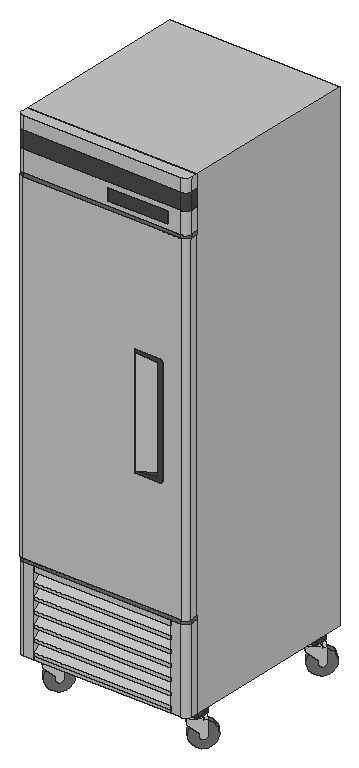
Revit family "QF_Turbo Air_TSR-23SD", category Specialty Equipment, Revit 2012
Parameters (values of type "TSR-23SD*-L")
  Width = 27"  # constant formula
  Weight in Pounds = 274
  Watermarked By = "http://revitwatermark.com"
  Volts = 115 V
  URL Cutsheet = ""
  URL = ""
  Status [instance] = ""
  Specification by User [instance] = ""
  Specification by Manufacturer [instance] = ""
  Serial Number [instance] = ""
  Right Hinge = no
  Revision Code [instance] = ""
  Phase = 1
  Number of Poles [instance] = 1
  NAFEM Spec ID Number [instance] = ""
  Model = "TSR-23SD*-L"
  Masterspec [instance] = ""
  Manufacturer = "Turbo Air"  # constant formula
  Legs [instance] = [6 Inch Legs]  # no
  Left Hinge = yes
  Item Number [instance] = "-"
  Installed By [instance] = ""
  HP = "1/4"
  Furnished By [instance] = ""
  Foodservice Equipment Identifier = yes
  FL Amps = 5.5 A
  Electrical Remarks [instance] = ""
  Electric Connection Type [instance] = ""
  Elec Conn RI Height [instance] = 0"
  Elec Conn Connection Height = 77 7/8"
  Door Height = 54 1/2"
  Description = "Refrigerator, Reach-In"
  Depth = 30 3/8"  # constant formula
  Cycle = 60 Hz
  Conn Plug = "NEMA 5-15P"
  Casters [instance] = or([4 Inch Casters], [5 Inch Casters])  # yes
  CasterLeg Height [instance] = if([4 Inch Casters], 5", if([5 Inch Casters], 5 3/4", 6"))  # 5"
  Cabinet Height = 77"
  CSI MasterFormat = "11 41 13"
  Assembly Code = "E1090320"
  Apparent Power = if(Phase = 1, Volts * FL Amps * 1.73, Volts * FL Amps)  # 1094.22 VA
  6 Inch Legs [instance] = no
  5 Inch Casters [instance] = no
  4 Inch Casters [instance] = yes
Types (3): name | Right Hinge | Model | Left Hinge
  (no name) | no | "TSR-23SD*-L" | yes
  TSR-23SD* | yes | "TSR-23SD*" | no
  TSR-23SD*-L | no | "TSR-23SD*-L" | yes
Reference planes (in)
  plane 1 "BACK": y = 0
  plane 2 "BOTTOM": z = 0
  plane 3 "LEFT": x = -21.59155
  plane 4 "RIGHT": x = 5.40845
  plane 5 "FRONT": y = -30.375
  plane 6 "TOP": z = 83.25
  plane 7 "Bottom of Box": z = 6.25
  plane 8 "Back of Door": y = -28.375
  plane 9 "Bottom of Top Reach-In": z = 75.125
  plane 10 "Bottom of Door": z = 20.125
  plane 11 "Bottom of Bottom Reach-In": z = 6.75
  plane 12: z = 19.625
  plane 13: y = -0.25
  plane 14 "Top 1": z = 81.25
  plane 15 "Top 2": z = 78.625
  plane 16: z = 74.625
  plane 17: y = -55.875
  plane 18: z = 5
Forms (in)
  Extrusion 1, solid, material "QF_Finishes_Stainless Steel"
    sketch origin (0, -28.375, 0) x (1, 0, 0) y (0, 0, 1)
      loop
        line (-19.02905, 19.625) -> (-19.02905, 18.75) -> (2.84595, 18.75) -> (2.84595, 19.625) -> (-19.02905, 19.625)
    from 0 to 2
  Blend 2, solid, material "QF_Finishes_Stainless Steel"
    base sketch origin (0, -28.375, 1.5) x (1, 0, 0) y (0, 0, 1)
      loop
        line (-19.02905, 17.25) -> (-19.02905, 15.25) -> (2.84595, 15.25) -> (2.84595, 17.25) -> (-19.02905, 17.25)
    top sketch origin (0, -28.375, 1.5) x (1, 0, 0) y (0, 0, 1)
      loop
        line (-19.02905, 15.25) -> (2.84595, 15.25) -> (2.84595, 15.75) -> (-19.02905, 15.75) -> (-19.02905, 15.25)
    from 0 to 2
  Blend 3, solid, material "QF_Finishes_Stainless Steel"
    base sketch origin (0, -28.375, -0.5) x (1, 0, 0) y (0, 0, 1)
      loop
        line (-19.02905, 17.25) -> (-19.02905, 15.25) -> (2.84595, 15.25) -> (2.84595, 17.25) -> (-19.02905, 17.25)
    top sketch origin (0, -28.375, -0.5) x (1, 0, 0) y (0, 0, 1)
      loop
        line (-19.02905, 15.25) -> (2.84595, 15.25) -> (2.84595, 15.75) -> (-19.02905, 15.75) -> (-19.02905, 15.25)
    from 0 to 2
  Blend 4, solid, material "QF_Finishes_Stainless Steel"
    base sketch origin (0, -28.375, -2.5) x (1, 0, 0) y (0, 0, 1)
      loop
        line (-19.02905, 17.25) -> (-19.02905, 15.25) -> (2.84595, 15.25) -> (2.84595, 17.25) -> (-19.02905, 17.25)
    top sketch origin (0, -28.375, -2.5) x (1, 0, 0) y (0, 0, 1)
      loop
        line (-19.02905, 15.25) -> (2.84595, 15.25) -> (2.84595, 15.75) -> (-19.02905, 15.75) -> (-19.02905, 15.25)
    from 0 to 2
  Blend 5, solid, material "QF_Finishes_Stainless Steel"
    base sketch origin (0, -28.375, -4.5) x (1, 0, 0) y (0, 0, 1)
      loop
        line (-19.02905, 17.25) -> (-19.02905, 15.25) -> (2.84595, 15.25) -> (2.84595, 17.25) -> (-19.02905, 17.25)
    top sketch origin (0, -28.375, -4.5) x (1, 0, 0) y (0, 0, 1)
      loop
        line (-19.02905, 15.25) -> (2.84595, 15.25) -> (2.84595, 15.75) -> (-19.02905, 15.75) -> (-19.02905, 15.25)
    from 0 to 2
  Blend 6, solid, material "QF_Finishes_Stainless Steel"
    base sketch origin (0, -28.375, -6.5) x (1, 0, 0) y (0, 0, 1)
      loop
        line (-19.02905, 17.25) -> (-19.02905, 15.25) -> (2.84595, 15.25) -> (2.84595, 17.25) -> (-19.02905, 17.25)
    top sketch origin (0, -28.375, -6.5) x (1, 0, 0) y (0, 0, 1)
      loop
        line (-19.02905, 15.25) -> (2.84595, 15.25) -> (2.84595, 15.75) -> (-19.02905, 15.75) -> (-19.02905, 15.25)
    from 0 to 2
  Blend 7, solid, material "QF_Finishes_Stainless Steel"
    base sketch origin (0, -28.375, -8.5) x (1, 0, 0) y (0, 0, 1)
      loop
        line (-19.02905, 17.25) -> (-19.02905, 15.25) -> (2.84595, 15.25) -> (2.84595, 17.25) -> (-19.02905, 17.25)
    top sketch origin (0, -28.375, -8.5) x (1, 0, 0) y (0, 0, 1)
      loop
        line (-19.02905, 15.25) -> (2.84595, 15.25) -> (2.84595, 15.75) -> (-19.02905, 15.75) -> (-19.02905, 15.25)
    from 0 to 2
  Extrusion 8, solid, material "QF_Finishes_Stainless Steel"
    sketch origin (0, 0, 0) x (1, 0, 0) y (0, 0, 1)
      loop
        circle (-17.71449, 77.3727) r 0.25
    from 0 to -0.25
  Extrusion 9, solid, material "QF_Finishes_Stainless Steel"
    sketch origin (0, 0, 0) x (1, 0, 0) y (0, 0, 1)
      loop
        line (-21.59155, 83.25) -> (-21.59155, 19.625) -> (5.40845, 19.625) -> (5.40845, 83.25) -> (-21.59155, 83.25)
      loop
        line (3.40845, 20.125) -> (3.40845, 81.25) -> (-19.59155, 81.25) -> (-19.59155, 20.125) -> (3.40845, 20.125)
    from 0 to 28.375
  Extrusion 10, solid, material "QF_Finishes_Stainless Steel"
    sketch origin (0, 0, 0) x (1, 0, 0) y (0, 0, 1)
      loop
        line (-19.59155, 81.25) -> (-19.59155, 20.125) -> (3.40845, 20.125) -> (3.40845, 81.25) -> (-19.59155, 81.25)
    from 0 to 0.25
  Extrusion 11, solid, material "QF_Finishes_Stainless Steel"
    sketch origin (0, 0, 6.25) x (0, 1, 0) y (-1, 0, 0)
      loop
        line (0, 21.59155) -> (-28.375, 21.59155) -> (-28.375, -5.40845) -> (0, -5.40845) -> (0, 21.59155)
    from 0 to 13.375
  Extrusion 12, solid, material "QF_Finishes_Stainless Steel"
    sketch origin (0, 0, 6.25) x (0, 1, 0) y (-1, 0, 0)
      loop
        line (-28.375, 21.59155) -> (-29.375, 21.59155)
        arc (-29.375, 21.59155) -> (-30.08211, 21.29865) -> (-30.375, 20.59155) r 1
        line (-30.375, 20.59155) -> (-30.375, 19.02905) -> (-28.375, 19.02905) -> (-28.375, 21.59155)
      loop
        line (-28.375, -5.40845) -> (-28.375, -2.84595) -> (-30.375, -2.84595) -> (-30.375, -4.40845)
        arc (-30.375, -4.40845) -> (-30.08211, -5.11556) -> (-29.375, -5.40845) r 1
        line (-29.375, -5.40845) -> (-28.375, -5.40845)
    from 0 to 13.375
  Extrusion 13, solid, material "QF_Finishes_Stainless Steel"
    sketch origin (0, -30.375, 0) x (1, 0, 0) y (0, 0, 1)
      loop
        line (-19.02905, 6.75) -> (-19.02905, 6.25) -> (2.84595, 6.25) -> (2.84595, 6.75) -> (-19.02905, 6.75)
    from 0 to -2
  Extrusion 14, solid, material "QF_Finishes_Stainless Steel"
    sketch origin (0, 0, 83.25) x (0, 1, 0) y (-1, 0, 0)
      loop
        line (-28.375, 21.59155) -> (-29.375, 21.59155)
        arc (-29.375, 21.59155) -> (-30.08211, 21.29865) -> (-30.375, 20.59155) r 1
        line (-30.375, 20.59155) -> (-30.375, -4.40845)
        arc (-30.375, -4.40845) -> (-30.08211, -5.11556) -> (-29.375, -5.40845) r 1
        line (-29.375, -5.40845) -> (-28.375, -5.40845) -> (-28.375, 21.59155)
    from 0 to -2
  Extrusion 15, solid, material "QF_Finishes_Black"
    sketch origin (0, 0, 81.25) x (-1, 0, 0) y (0, -1, 0)
      loop
        line (21.59155, 28.375) -> (21.59155, 29.375)
        arc (21.59155, 29.375) -> (21.29865, 30.08211) -> (20.59155, 30.375) r 1
        line (20.59155, 30.375) -> (-4.40845, 30.375)
        arc (-4.40845, 30.375) -> (-5.11556, 30.08211) -> (-5.40845, 29.375) r 1
        line (-5.40845, 29.375) -> (-5.40845, 28.375) -> (21.59155, 28.375)
    from 0 to -2.625
  Extrusion 16, solid, material "QF_Finishes_Stainless Steel"
    sketch origin (0, 0, 78.625) x (-1, 0, 0) y (0, -1, 0)
      loop
        line (21.59155, 28.375) -> (21.59155, 29.375)
        arc (21.59155, 29.375) -> (21.29865, 30.08211) -> (20.59155, 30.375) r 1
        line (20.59155, 30.375) -> (-4.40845, 30.375)
        arc (-4.40845, 30.375) -> (-5.11556, 30.08211) -> (-5.40845, 29.375) r 1
        line (-5.40845, 29.375) -> (-5.40845, 28.375) -> (21.59155, 28.375)
    from 0 to -3.5
  Extrusion 17, void
    sketch origin (0, -28.375, 0) x (1, 0, 0) y (0, 0, 1)
      loop
        line (-7.21655, 77.75) -> (-7.21655, 75.9375) -> (2.28345, 75.9375) -> (2.28345, 77.75) -> (-7.21655, 77.75)
    from 0 to 2
  Extrusion 18, solid, material "QF_Finishes_Black"
    sketch origin (0, -28.375, 0) x (1, 0, 0) y (0, 0, 1)
      loop
        line (-7.21655, 77.75) -> (-7.21655, 75.9375) -> (2.28345, 75.9375) -> (2.28345, 77.75) -> (-7.21655, 77.75)
    from 0 to 2
  Extrusion 19, solid, material "QF_Finishes_Dark Grey"
    sketch origin (0, 0, 75.125) x (0, 1, 0) y (-1, 0, 0)
      loop
        line (-28.375, 21.59155) -> (-29.375, 21.59155)
        arc (-29.375, 21.59155) -> (-30.08211, 21.29865) -> (-30.375, 20.59155) r 1
        line (-30.375, 20.59155) -> (-30.375, -4.40845)
        arc (-30.375, -4.40845) -> (-30.08211, -5.11556) -> (-29.375, -5.40845) r 1
        line (-29.375, -5.40845) -> (-28.375, -5.40845) -> (-28.375, 21.59155)
    from 0 to -0.5
  Extrusion 20, solid, material "QF_Finishes_Dark Grey"
    sketch origin (0, 0, 20.125) x (0, 1, 0) y (-1, 0, 0)
      loop
        line (-28.375, 21.59155) -> (-29.375, 21.59155)
        arc (-29.375, 21.59155) -> (-30.08211, 21.29865) -> (-30.375, 20.59155) r 1
        line (-30.375, 20.59155) -> (-30.375, -4.40845)
        arc (-30.375, -4.40845) -> (-30.08211, -5.11556) -> (-29.375, -5.40845) r 1
        line (-29.375, -5.40845) -> (-28.375, -5.40845) -> (-28.375, 21.59155)
    from 0 to -0.5
  Extrusion 21, solid, material "QF_Finishes_Black"
    sketch origin (-21.59155, 0, 0) x (0, 1, 0) y (0, 0, 1)
      loop
        line (-4, 5) -> (-2, 5) -> (-2, 6.25) -> (-2.125, 6.25) -> (-2.125, 5.125) -> (-3.875, 5.125) -> (-3.875, 6.25) -> (-4, 6.25) -> (-4, 5)
      loop
        line (-27.625, 5) -> (-25.625, 5) -> (-25.625, 6.25) -> (-25.75, 6.25) -> (-25.75, 5.125) -> (-27.5, 5.125) -> (-27.5, 6.25) -> (-27.625, 6.25) -> (-27.625, 5)
    from 0.5 to 26.5
Cuts and joins
  joined: Extrusion 9, Extrusion 10, Extrusion 11
  Extrusion 17 cuts Extrusion 16
Lines and regions (in)
  symbolic lines
    curve 1: line (5.40845, 0, 6.75) -> (-21.59155, 0, 6.75)
    curve 2: line (-21.59155, 0, 6.75) -> (-21.59155, -28.375, 6.75)
    curve 3: line (5.40845, -28.375, 6.75) -> (5.40845, 0, 6.75)
    curve 4: line (5.40845, -29.375, 6.75) -> (5.40845, -28.375, 6.75)
    curve 5: arc (5.40845, -29.375, 6.75) -> (5.11556, -30.08211, 6.75) -> (4.40845, -30.375, 6.75) r 1
    curve 6: line (-20.59155, -30.375, 6.75) -> (4.40845, -30.375, 6.75)
    curve 7: arc (-20.59155, -30.375, 6.75) -> (-21.29865, -30.08211, 6.75) -> (-21.59155, -29.375, 6.75) r 1
    curve 8: line (-21.59155, -28.375, 6.75) -> (-21.59155, -29.375, 6.75)
  symbolic lines, style "QF_Surface Details"
    curve 9: line (-21.59155, -28.375, 6.75) -> (5.40845, -28.375, 6.75)
  symbolic lines, style "QF_Clearances", visible <- "Right Hinge", detail levels coarse
    curve 10: line (5.40845, -30.375, 20.125) -> (5.40845, -55.875, 20.125)
    curve 12: arc (-21.59155, -30.375, 20.125) -> (-13.60048, -48.95799, 20.125) -> (5.40845, -55.875, 20.125) r 25.5
  symbolic lines, style "QF_Clearances", detail levels medium+fine
    curve 11: line (5.40845, -30.375, 20.125) -> (-21.59155, -30.375, 20.125)
  symbolic lines, style "QF_Clearances", visible <- "Left Hinge", detail levels coarse
    curve 13: arc (5.40845, -30.375, 20.125) -> (-2.58261, -48.95799, 20.125) -> (-21.59155, -55.875, 20.125) r 25.5
    curve 14: line (-21.59155, -30.375, 20.125) -> (-21.59155, -55.875, 20.125)
Dimensions and locks (in)
  "Width": plane 4 "RIGHT" to plane 3 "LEFT"
  "Depth": plane 5 "FRONT" to plane 1 "BACK"
  locked: plane 3 "LEFT" to nested 1 at 2
  locked: nested 1 to plane 1 "BACK" at 3
  locked: nested 2 to plane 4 "RIGHT" at 2
  locked: nested 2 to plane 1 "BACK" at 3
  locked: plane 3 "LEFT" to nested 3 at 2
  locked: nested 4 to plane 4 "RIGHT" at 2
  locked: plane 8 "Back of Door" to plane 1 "BACK" at 28.375
  locked: plane 11 "Bottom of Bottom Reach-In" to plane 7 "Bottom of Box" at 0.5
  locked: plane 10 "Bottom of Door" to plane 11 "Bottom of Bottom Reach-In" at 13.375
  locked: plane 10 "Bottom of Door" to plane 12 at 0.5
  locked: Extrusion 1 sketch curve to Extrusion 1 sketch curve at 0.875
  "Cabinet Height": plane 6 "TOP" to plane 7 "Bottom of Box"
  locked: plane 1 "BACK" to plane 13 at 0.25
  locked: Extrusion 9 sketch curve to Extrusion 9 sketch curve at 2  (x3)
  locked: plane 6 "TOP" to plane 14 "Top 1" at 2
  locked: plane 14 "Top 1" to plane 15 "Top 2" at 2.625
  locked: plane 5 "FRONT" to nested 3 at 3.75
  locked: plane 5 "FRONT" to nested 4 at 3.75
  locked: Extrusion 17 sketch curve to plane 4 "RIGHT" at 3.125
  locked: Extrusion 17 sketch curve to Extrusion 17 sketch curve at 9.5
  locked: Extrusion 18 sketch curve to plane 4 "RIGHT" at 3.125
  locked: Extrusion 18 sketch curve to Extrusion 18 sketch curve at 9.5
  locked: plane 15 "Top 2" to Extrusion 18 sketch curve at 0.875
  locked: Extrusion 18 sketch curve to plane 9 "Bottom of Top Reach-In" at 0.8125
  locked: plane 15 "Top 2" to Extrusion 17 sketch curve at 0.875
  locked: Extrusion 17 sketch curve to plane 9 "Bottom of Top Reach-In" at 0.8125
  locked: plane 9 "Bottom of Top Reach-In" to plane 16 at 0.5
  "Door Height": plane 16 to plane 10 "Bottom of Door"
  plane 17 to plane 5 "FRONT" = 25 1/2"
  locked: plane 7 "Bottom of Box" to plane 18 at 1.25
  "CasterLeg Height": plane 18 to level
  locked: Extrusion 21 sketch curve to plane 18 at 0.125  (x2)
  locked: plane 4 "RIGHT" to Extrusion 21 at 0.5
  aligned and locked: level to plane 2 "BOTTOM"
  aligned and locked: plane 5 "FRONT" to Extrusion 1
  aligned and locked: Blend 2 sketch curve to var sketch  (x2)
  aligned and locked: plane 5 "FRONT" to Blend 2
  aligned and locked: Blend 3 sketch curve to var sketch  (x2)
  aligned and locked: Blend 4 sketch curve to var sketch  (x2)
  aligned and locked: Blend 5 sketch curve to var sketch  (x2)
  aligned and locked: Blend 6 sketch curve to var sketch  (x2)
  aligned and locked: Blend 7 sketch curve to var sketch  (x2)
  aligned and locked: Extrusion 9 sketch curve to plane 4 "RIGHT"
  aligned and locked: plane 12 to Extrusion 9 sketch curve
  aligned and locked: Extrusion 10 sketch curve to Extrusion 9  (x4)
  aligned and locked: plane 13 to Extrusion 10
  aligned and locked: Extrusion 11 sketch curve to curve 1
  aligned and locked: Extrusion 11 sketch curve to curve 2
  aligned and locked: Extrusion 11 sketch curve to curve 3
  aligned and locked: plane 12 to Extrusion 11
  aligned and locked: Extrusion 12 sketch curve to plane 3 "LEFT"
  aligned and locked: Extrusion 12 sketch curve to plane 5 "FRONT"
  aligned and locked: Extrusion 12 sketch curve to plane 4 "RIGHT"
  aligned and locked: plane 5 "FRONT" to Extrusion 12 sketch curve
  aligned and locked: plane 12 to Extrusion 12
  aligned and locked: Extrusion 13 sketch curve to Blend 7  (x2)
  aligned and locked: Extrusion 13 sketch curve to Extrusion 12
  aligned and locked: Extrusion 12 to Extrusion 13 sketch curve
  aligned and locked: Extrusion 13 to plane 8 "Back of Door"
  aligned and locked: plane 8 "Back of Door" to Extrusion 9
  aligned and locked: Extrusion 14 sketch curve to curve 9
  aligned and locked: Extrusion 14 sketch curve to curve 2
  aligned and locked: Extrusion 14 sketch curve to plane 5 "FRONT"
  aligned and locked: Extrusion 14 sketch curve to plane 4 "RIGHT"
  aligned and locked: Extrusion 14 to plane 14 "Top 1"
  aligned and locked: Extrusion 15 sketch curve to plane 4 "RIGHT"
  aligned and locked: Extrusion 15 sketch curve to plane 5 "FRONT"
  aligned and locked: plane 8 "Back of Door" to Extrusion 15 sketch curve
  aligned and locked: plane 3 "LEFT" to Extrusion 15 sketch curve
  aligned and locked: Extrusion 15 to plane 15 "Top 2"
  aligned and locked: Extrusion 16 sketch curve to curve 9
  aligned and locked: Extrusion 16 sketch curve to curve 2
  aligned and locked: Extrusion 16 sketch curve to plane 5 "FRONT"
  aligned and locked: Extrusion 16 sketch curve to plane 4 "RIGHT"
  aligned and locked: Extrusion 16 to plane 9 "Bottom of Top Reach-In"
  aligned and locked: plane 5 "FRONT" to Extrusion 17
  aligned and locked: plane 5 "FRONT" to Extrusion 18
  aligned and locked: plane 5 "FRONT" to Blend 3
  aligned and locked: plane 5 "FRONT" to Blend 4
  aligned and locked: plane 5 "FRONT" to Blend 5
  aligned and locked: plane 5 "FRONT" to Blend 6
  aligned and locked: plane 5 "FRONT" to Blend 7
  aligned and locked: nested 5 to plane 10 "Bottom of Door"
  aligned and locked: Extrusion 19 sketch curve to curve 9
  aligned and locked: Extrusion 19 sketch curve to curve 2
  aligned and locked: Extrusion 19 sketch curve to nested 5  (x2)
  aligned and locked: Extrusion 19 to plane 16
  aligned and locked: Extrusion 20 sketch curve to curve 9
  aligned and locked: Extrusion 20 sketch curve to curve 2
  aligned and locked: Extrusion 20 sketch curve to nested 5  (x2)
  aligned and locked: Extrusion 20 to plane 12
  aligned and locked: plane 10 "Bottom of Door" to Extrusion 20
  aligned and locked: plane 10 "Bottom of Door" to nested 6  (x2)
  aligned and locked: plane 10 "Bottom of Door" to nested 5
  aligned and locked: plane 7 "Bottom of Box" to Extrusion 21 sketch curve  (x2)
  aligned and locked: Extrusion 21 sketch curve to plane 7 "Bottom of Box"  (x2)
  aligned and locked: plane 18 to Extrusion 21 sketch curve  (x2)
Automatic sketch dimensions
  plane 3 "LEFT" to Blend 4 sketch curve = 2 9/16"
  Blend 4 sketch curve to plane 4 "RIGHT" = 2 9/16"
  plane 11 "Bottom of Bottom Reach-In" to Blend 4 sketch curve = 6"  (x2)
  Blend 4 sketch curve to Blend 4 sketch curve = 2"
  Blend 4 sketch curve to Blend 4 sketch curve = 1/2"
  plane 3 "LEFT" to Blend 5 sketch curve = 2 9/16"
  Blend 5 sketch curve to plane 4 "RIGHT" = 2 9/16"
  plane 11 "Bottom of Bottom Reach-In" to Blend 5 sketch curve = 4"  (x2)
  Blend 5 sketch curve to Blend 5 sketch curve = 2"
  Blend 5 sketch curve to Blend 5 sketch curve = 1/2"
  plane 3 "LEFT" to Blend 6 sketch curve = 2 9/16"
  Blend 6 sketch curve to plane 4 "RIGHT" = 2 9/16"
  plane 11 "Bottom of Bottom Reach-In" to Blend 6 sketch curve = 2"  (x2)
  Blend 6 sketch curve to Blend 6 sketch curve = 2"
  Blend 6 sketch curve to Blend 6 sketch curve = 1/2"
  Blend 7 sketch curve to plane 11 "Bottom of Bottom Reach-In" = 0"  (x2)
  plane 3 "LEFT" to Blend 7 sketch curve = 2 9/16"
  Blend 7 sketch curve to plane 4 "RIGHT" = 2 9/16"
  plane 11 "Bottom of Bottom Reach-In" to Blend 7 sketch curve = 2"
  plane 11 "Bottom of Bottom Reach-In" to Blend 7 sketch curve = 1/2"
  plane 3 "LEFT" to Extrusion 15 sketch curve = 1"
  Extrusion 15 sketch curve to plane 4 "RIGHT" = 1"
  Extrusion 1 sketch curve to plane 12 = 0"
  plane 3 "LEFT" to Extrusion 1 sketch curve = 2 9/16"
  Extrusion 1 sketch curve to plane 4 "RIGHT" = 2 9/16"
  plane 3 "LEFT" to Blend 2 sketch curve = 2 9/16"
  Blend 2 sketch curve to plane 4 "RIGHT" = 2 9/16"
  Blend 2 sketch curve to plane 12 = 2 7/8"  (x2)
  Blend 2 sketch curve to plane 12 = 7/8"
  Blend 2 sketch curve to Blend 2 sketch curve = 1/2"
  plane 3 "LEFT" to Blend 3 sketch curve = 2 9/16"
  Blend 3 sketch curve to plane 4 "RIGHT" = 2 9/16"
  Blend 3 sketch curve to plane 12 = 4 7/8"  (x2)
  Blend 3 sketch curve to Blend 3 sketch curve = 2"
  Blend 3 sketch curve to Blend 3 sketch curve = 1/2"
  plane 5 "FRONT" to curve 7 = 0"
  curve 8 to plane 3 "LEFT" = 0"
  curve 4 to plane 4 "RIGHT" = 0"
  plane 8 "Back of Door" to curve 8 = 0"
  plane 1 "BACK" to curve 2 = 0"
  plane 3 "LEFT" to curve 7 = 1"
  curve 4 to curve 3 = 1"
  Extrusion 8 sketch curve to plane 15 "Top 2" = 1.2523"
  plane 3 "LEFT" to Extrusion 8 sketch curve = 3.87706"
  Extrusion 9 sketch curve to plane 3 "LEFT" = 0"
  Extrusion 9 sketch curve to plane 10 "Bottom of Door" = 0"
  Extrusion 9 sketch curve to plane 14 "Top 1" = 0"
  plane 8 "Back of Door" to Extrusion 11 sketch curve = 0"
  plane 8 "Back of Door" to Extrusion 12 sketch curve = 0"  (x2)
  plane 3 "LEFT" to Extrusion 12 sketch curve = 1"
  Extrusion 12 sketch curve to Extrusion 12 sketch curve = 1"
  Extrusion 12 sketch curve to Extrusion 12 sketch curve = 1 9/16"  (x2)
  Extrusion 14 sketch curve to plane 5 "FRONT" = 1"  (x2)
  Extrusion 16 sketch curve to plane 4 "RIGHT" = 1"
  plane 3 "LEFT" to Extrusion 16 sketch curve = 1"
  Extrusion 19 sketch curve to plane 5 "FRONT" = 1"  (x2)
  Extrusion 20 sketch curve to plane 5 "FRONT" = 1"  (x2)
  curve 12 to plane 4 "RIGHT" = 0"
  plane 17 to curve 12 = 0"
  curve 13 to plane 3 "LEFT" = 0"
  plane 17 to curve 13 = 0"
  plane 5 "FRONT" to curve 11 = 0"
  plane 5 "FRONT" to curve 13 = 0.04416"
  plane 5 "FRONT" to curve 12 = 0.04416"
  Extrusion 21 sketch curve to plane 8 "Back of Door" = 3/4"
  Extrusion 21 sketch curve to Extrusion 21 sketch curve = 1/8"  (x4)
  Extrusion 21 sketch curve to Extrusion 21 sketch curve = 1 3/4"  (x2)
  plane 13 to Extrusion 21 sketch curve = 3 3/4"
  radius of Extrusion 8 sketch curve = 1/4"
Nested families (in)
  nested 1: "FESCasterLeg" at (-19.59155, -3, 0), Height <- "CasterLeg Height", Legs <- "Legs", Casters <- "Casters", type "FESCasterLeg"
    with Legs no, Height 5", Casters yes, Caster Radius 2"
  nested 2: "FESCasterLeg" at (3.40845, -3, 0), Height <- "CasterLeg Height", Legs <- "Legs", Casters <- "Casters", type "FESCasterLeg"
    with Legs no, Height 5", Casters yes, Caster Radius 2"
  nested 3: "FESCasterLeg" at (-19.59155, -26.625, 0), Height <- "CasterLeg Height", Legs <- "Legs", Casters <- "Casters", type "FESCasterLeg"
    with Legs no, Height 5", Casters yes, Caster Radius 2"
  nested 4: "FESCasterLeg" at (3.40845, -26.625, 0), Height <- "CasterLeg Height", Legs <- "Legs", Casters <- "Casters", type "FESCasterLeg"
    with Legs no, Height 5", Casters yes, Caster Radius 2"
  nested 5: "QF_Turbo Air_RI_J_TS-Door" at (-6.41488, -28.5625, 20.125), Width <- "Width", Height <- "Door Height", visible <- "Right Hinge", type "QF_Turbo Air_RI_J_TS-Door"
    with Width 27", Symbolic Lines yes, Height 54 1/2", Handle Height 17 11/16", Handle Center Height 27 1/4", Depth 1 13/16"
  nested 6: "QF_Turbo Air_RI_J_TS-Door" at (-9.76821, -28.5625, 20.125) x (-1, 0, 0) z (0, 0, 1), Width <- "Width", Height <- "Door Height", visible <- "Left Hinge", type "QF_Turbo Air_RI_J_TS-Door"
    with Width 27", Symbolic Lines yes, Height 54 1/2", Handle Height 17 11/16", Handle Center Height 27 1/4", Depth 1 13/16"
Connectors (in)
  electrical at (-17.71449, 0.25, 77.3727), driven by "Number of Poles", driven by "Volts", driven by "Apparent Power"
    settings: on Extrusion 8, index 1, voltage 115 V, apparent load 1094.22 VA, apparent load phase1 0 VA, apparent load phase2 0 VA, apparent load phase3 0 VA, power factor 1, load classification "Other", number of poles 1, system type 30, power factor state 1, is connector primary yes, connector utility no, sub classification motor no, connector description "ELECTRIC"
Definition of nested family "FESCasterLeg"
  Parameters (values of type "FESCasterLeg")
    Watermarked By = "http://revitwatermark.com"
    Type Comments = "⍁⍉⌁⌀⏭⎽⌇⍠⌜⍉⎖⌥⌦⌯⍭⏊⍻⍿⍊⏵⍊⏗⏠⍴⎡⌈⎀⍠⌓⌤⏘⎐⍀⌐⏬⏁⎈⏍⏦⎒⏬⌝⍩⍇⌣〈⎫〉⎁⏊⍥⍖⍥⍝⍦⌖⍀⏌⏭⎝⎼⏷⏞⍻⏯⎽⏷⏞⍻⏯⎽⏷⎺⌻⎝⍎⌧⏷⏟⏿⌿⍜⍦⍤⌁⍬⏶⏎⍊⏚⏉⎞⌡⎀⎪⏈⌟⌿⍾⍼⌟⌿⌢⌞⏜⏝⎽⍷⍷⍯⍧⍷⌯⍽⏸⏨⏾⏎⌣⏺⍹⏼⏅⎏⌽⎫⎪⍙⎓⏗⎗⏅⌴⍏⍏⍿⏑⎺⍘⌭⏲⍥⎛⎾⎾⍞⍌⎪⎲⌙⎥⏏⎟⎟⏼⏘⎏⎝⏧⏍⏁⍏⍧⏯⏾⌟"
    Legs [instance] = yes
    Height [instance] = 6"
    Caster Radius [instance] = if(Height < 3", 1", (Height / 2) - 1/2")  # 2 1/2"
    Casters [instance] = yes
    Assembly Code = ""
  Reference planes (in)
    plane 1 "Center (Front/Back)": y = 0
    plane 2: z = 0
    plane 3 "Center (Left/Right)": x = 0
    plane 4: z = 6
    plane 5: z = 5.5
  Forms (in)
    Extrusion 1, solid, material "QF_Finishes_Stainless Steel", visible <- "Casters"
      sketch origin (-24.12131, -22.88887, 10.18833) x (0.707107, 0.707107, 0) y (0, 0, 1)
        loop
          line (34.98772, -7.68833) -> (34.98772, -4.93833) -> (34.48772, -4.93833) -> (34.39402, -4.68833) -> (32.39402, -4.68833) -> (32.39402, -5.43833) -> (33.98772, -7.34206) -> (33.98772, -7.68833)
          arc (33.98772, -7.68833) -> (34.48772, -8.18833) -> (34.98772, -7.68833) r 0.5
      from 0 to 1.75
    Extrusion 2, solid, material "QF_Finishes_Rubber Black", visible <- "Casters"
      sketch origin (-24.32327, -23.09083, 13.31461) x (0.707107, 0.707107, 0) y (0, 0, 1)
        loop
          circle (34.77334, -10.81461) r 2.5
      from 0.375 to 1.375
    Extrusion 3, solid, material "QF_Finishes_Stainless Steel", visible <- "Casters"
      sketch origin (-7.24148, -8.48391, 0) x (0.707107, 0.707107, 0) y (0, 0, 1)
        loop
          line (10.61603, 5.5) -> (11.61603, 5.5) -> (11.61603, 6) -> (10.61603, 6) -> (10.61603, 5.5)
      from 0 to -1.75
    Blend 4, solid, material "QF_Finishes_Stainless Steel", visible <- "Legs"
      base sketch origin (0, 0, 0) x (1, 0, 0) y (0, 1, 0)
        loop
          circle (0, 0) r 0.5
      top sketch origin (0, 0, 0) x (1, 0, 0) y (0, 1, 0)
        loop
          circle (0, 0) r 1
      from 0 to 6 <- "Height"
  Lines and regions (in)
    symbolic lines, style "QF_Hidden Details", visible <- "Casters", built-in parameter 1006206 <- "Casters"
      curve 1: line (-1.26158, -0.51911, 0) -> (1.39007, 2.13254, 0)
      curve 2: line (-0.53429, -1.24639, 0) -> (2.11736, 1.40526, 0)
    symbolic lines, style "QF_Hidden Details", built-in parameter 1006206 <- "Casters", visible <- "Casters"
      curve 3: line (-1.26158, -0.51911, 0) -> (1.39007, 2.13254, 0)
      curve 4: line (-0.53429, -1.24639, 0) -> (2.11736, 1.40526, 0)
  Dimensions and locks (in)
    locked: plane 4 to plane 5 at 0.5
    "Height": plane 4 to level
    "Caster Radius": Extrusion 2 sketch curve to level
    "Caster Radius": Extrusion 1 sketch curve to level
    "Caster Radius": radius of Extrusion 2 sketch curve
    aligned and locked: plane 2 to level
    aligned: Blend 4 to Extrusion 3
    aligned and locked: plane 4 to Blend 4
    aligned and locked: Extrusion 3 to plane 5
    aligned and locked: plane 4 to Extrusion 3
    aligned and locked: plane 5 to Extrusion 1
  Automatic sketch dimensions
    plane 1 "Center (Front/Back)" to curve 3 = 0.51911"
    curve 3 to plane 3 "Center (Left/Right)" = 1.26158"
    plane 1 "Center (Front/Back)" to curve 1 = 0.51911"
    curve 1 to curve 3 = 0"  (x3)
    curve 4 to plane 3 "Center (Left/Right)" = 0.53429"
    curve 2 to curve 4 = 0"  (x2)
    plane 3 "Center (Left/Right)" to curve 3 = 1.39007"
    curve 1 to curve 4 = 0.72729"
    curve 2 to curve 1 = 0.72729"
    curve 4 to curve 2 = 0"  (x2)
    curve 2 to plane 1 "Center (Front/Back)" = 1.40526"
    curve 2 to curve 3 = 0.72729"
    plane 5 to Extrusion 1 sketch curve = 0"
    Extrusion 1 sketch curve to Extrusion 1 sketch curve = 1.5937"
    Extrusion 1 sketch curve to Extrusion 1 sketch curve = 2"
    Extrusion 1 sketch curve to Extrusion 1 sketch curve = 0.0937"
    Extrusion 1 sketch curve to Extrusion 1 sketch curve = 1/2"
    Extrusion 1 sketch curve to Extrusion 1 sketch curve = 0.34627"
    Extrusion 1 sketch curve to plane 5 = 3/4"
    Extrusion 1 sketch curve to plane 5 = 1/4"
    Extrusion 3 sketch curve to plane 5 = 0"
    plane 4 to Extrusion 3 sketch curve = 0"
    Extrusion 3 sketch curve to Extrusion 3 sketch curve = 1"
    plane 1 "Center (Front/Back)" to Blend 4 sketch curve = 0"  (x2)
    Blend 4 sketch curve to plane 3 "Center (Left/Right)" = 0"  (x2)
    radius of Blend 4 sketch curve = 1/2"
    radius of Blend 4 sketch curve = 1"
Definition of nested family "QF_Turbo Air_RI_J_TS-Door"
  Parameters (values of type "QF_Turbo Air_RI_J_TS-Door")
    Width [instance] = 28 3/4"
    Watermarked By = "http://revitwatermark.com"
    Symbolic Lines [instance] = yes
    Manufacturer = "Turbo Air"  # constant formula
    Height [instance] = 63 1/4"
    Handle Height [instance] = 17 11/16"
    Handle Center Height [instance] = 34 13/16"
    Depth [instance] = 1 13/16"
  Reference planes (in)
    plane 1 "BACK": y = 0
    plane 2: z = 0
    plane 3 "LEFT": x = -15.17667
    plane 4: x = 13.57333
    plane 5 "FRONT": y = -1.8125
    plane 6: z = 63.25
    plane 7 "Top of Handle": z = 43.65625
    plane 8 "Bottom of Handle": z = 25.96875
    plane 9 "Center of Handle": z = 34.8125
    plane 10 "Left of Handle": x = -11.36417
    plane 11 "Right of Handle": x = -6.86417
  Forms (in)
    Extrusion 1, solid, material "QF_Finishes_Stainless Steel"
      sketch origin (0, 0, 0) x (1, 0, 0) y (0, 0, 1)
        loop
          line (-15.17667, 63.25) -> (-15.17667, 0) -> (13.57333, 0) -> (13.57333, 63.25) -> (-15.17667, 63.25)
        loop
          arc (-10.80167, 43.65625) -> (-11.19941, 43.4915) -> (-11.36417, 43.09375) r 0.5625
          line (-11.36417, 43.09375) -> (-11.36417, 26.53125)
          arc (-11.36417, 26.53125) -> (-11.19941, 26.1335) -> (-10.80167, 25.96875) r 0.5625
          line (-10.80167, 25.96875) -> (-6.86417, 25.96875) -> (-6.86417, 43.65625) -> (-10.80167, 43.65625)
      from 0 to 1.8125
    Extrusion 2, solid, material "QF_Finishes_Black"
      sketch origin (0, 0, 0) x (1, 0, 0) y (0, 0, 1)
        loop
          arc (-10.80167, 43.65625) -> (-11.19941, 43.4915) -> (-11.36417, 43.09375) r 0.5625
          line (-11.36417, 43.09375) -> (-11.36417, 26.53125)
          arc (-11.36417, 26.53125) -> (-11.19941, 26.1335) -> (-10.80167, 25.96875) r 0.5625
          line (-10.80167, 25.96875) -> (-6.86417, 25.96875) -> (-6.86417, 26.34375) -> (-10.55167, 26.66636) -> (-10.55167, 42.95864) -> (-6.86417, 43.28125) -> (-6.86417, 43.65625) -> (-10.80167, 43.65625)
      from 0 to 1.8125
    Extrusion 3, solid, material "QF_Finishes_Stainless Steel"
      sketch origin (0, 0, 25.96875) x (0, 1, 0) y (-1, 0, 0)
        loop
          line (-1.8125, 6.86417) -> (0, 6.86417) -> (0, 10.55167) -> (-0.47036, 10.55167) -> (-1.8125, 6.86417)
      from 0.375 to 17.3125
    Extrusion 4, void
      sketch origin (0, 0, 0) x (1, 0, 0) y (0, 1, 0)
        loop
          line (-15.17667, -1) -> (-15.17667, -1.8125) -> (-14.36417, -1.8125)
          arc (-14.36417, -1.8125) -> (-14.93869, -1.57452) -> (-15.17667, -1) r 0.8125
        loop
          arc (13.57333, -1) -> (13.33536, -1.57452) -> (12.76083, -1.8125) r 0.8125
          line (12.76083, -1.8125) -> (13.57333, -1.8125) -> (13.57333, -1)
      from 0 to 63.25
  Cuts and joins
    Extrusion 4 cuts Extrusion 1
  Lines and regions (in)
    symbolic lines, visible <- "Symbolic Lines"
      curve 1: line (13.57333, 0, 25.96875) -> (-15.17667, 0, 25.96875)
      curve 2: line (-15.17667, 0, 25.96875) -> (-15.17667, -1, 25.96875)
      curve 3: line (-14.36417, -1.8125, 25.96875) -> (12.76083, -1.8125, 25.96875)
      curve 4: line (13.57333, -1, 25.96875) -> (13.57333, 0, 25.96875)
      curve 5: arc (-14.36417, -1.8125, 0) -> (-14.93869, -1.57452, 0) -> (-15.17667, -1, 0) r 0.8125
      curve 6: arc (13.57333, -1, 0) -> (13.33536, -1.57452, 0) -> (12.76083, -1.8125, 0) r 0.8125
  Dimensions and locks (in)
    "Width": plane 4 to plane 3 "LEFT"
    "Depth": plane 5 "FRONT" to plane 1 "BACK"
    "Height": plane 6 to plane 2
    "Handle Height": plane 7 "Top of Handle" to plane 8 "Bottom of Handle"
    equal spacing: plane 7 "Top of Handle", plane 9 "Center of Handle", plane 8 "Bottom of Handle"
    "Handle Center Height": plane 9 "Center of Handle" to level
    locked: plane 3 "LEFT" to plane 10 "Left of Handle" at 3.8125
    locked: plane 10 "Left of Handle" to plane 11 "Right of Handle" at 4.5
    locked: Extrusion 2 sketch curve to plane 10 "Left of Handle" at 0.8125
    locked: Extrusion 2 sketch curve to plane 8 "Bottom of Handle" at 0.69761
    locked: Extrusion 2 sketch curve to plane 8 "Bottom of Handle" at 0.375
    locked: plane 7 "Top of Handle" to Extrusion 2 sketch curve at 0.375
    locked: plane 7 "Top of Handle" to Extrusion 2 sketch curve at 0.69761
    locked: plane 7 "Top of Handle" to Extrusion 3 at 0.375
    locked: Extrusion 3 to plane 8 "Bottom of Handle" at 0.375
    locked: plane 5 "FRONT" to Extrusion 3 sketch curve at 1.34214
    locked: plane 10 "Left of Handle" to Extrusion 3 sketch curve at 0.8125
    locked: plane 5 "FRONT" to Extrusion 4 sketch curve at 0.8125  (x2)
    locked: plane 3 "LEFT" to Extrusion 4 sketch curve at 0.8125
    locked: Extrusion 4 sketch curve to plane 4 at 0.8125
    aligned and locked: level to plane 2
    aligned and locked: Extrusion 1 sketch curve to plane 6
    aligned and locked: plane 3 "LEFT" to Extrusion 1 sketch curve
    aligned and locked: level to Extrusion 1 sketch curve
    aligned and locked: Extrusion 1 sketch curve to plane 4
    aligned and locked: Extrusion 1 sketch curve to plane 7 "Top of Handle"
    aligned and locked: plane 10 "Left of Handle" to Extrusion 1 sketch curve
    aligned and locked: plane 8 "Bottom of Handle" to Extrusion 1 sketch curve
    aligned and locked: Extrusion 1 sketch curve to plane 11 "Right of Handle"
    aligned and locked: plane 5 "FRONT" to Extrusion 1
    aligned and locked: plane 8 "Bottom of Handle" to Extrusion 2 sketch curve
    aligned and locked: plane 10 "Left of Handle" to Extrusion 2 sketch curve
    aligned and locked: Extrusion 2 sketch curve to plane 7 "Top of Handle"
    aligned and locked: Extrusion 2 sketch curve to plane 11 "Right of Handle"
    aligned and locked: plane 11 "Right of Handle" to Extrusion 2 sketch curve
    aligned and locked: plane 5 "FRONT" to Extrusion 2
    aligned and locked: plane 1 "BACK" to Extrusion 3 sketch curve
    aligned and locked: plane 5 "FRONT" to Extrusion 3 sketch curve
    aligned and locked: Extrusion 3 sketch curve to plane 11 "Right of Handle"
    aligned and locked: Extrusion 4 sketch curve to plane 5 "FRONT"
    aligned and locked: plane 5 "FRONT" to Extrusion 4 sketch curve
    aligned and locked: plane 6 to cut or joined group of Extrusion 1, Extrusion 4
    aligned and locked: curve 5 to cut or joined group of Extrusion 1, Extrusion 4
    aligned and locked: curve 6 to cut or joined group of Extrusion 1, Extrusion 4
  Automatic sketch dimensions
    plane 10 "Left of Handle" to Extrusion 1 sketch curve = 9/16"  (x2)
    Extrusion 2 sketch curve to Extrusion 2 sketch curve = 0.13511"  (x2)
    curve 2 to curve 1 = 1"
    plane 3 "LEFT" to curve 3 = 13/16"
    plane 5 "FRONT" to curve 3 = 0"
    curve 4 to plane 4 = 0"
    curve 4 to curve 1 = 1"
    curve 3 to plane 4 = 13/16"
    curve 2 to plane 3 "LEFT" = 0"
    plane 1 "BACK" to curve 2 = 0"
